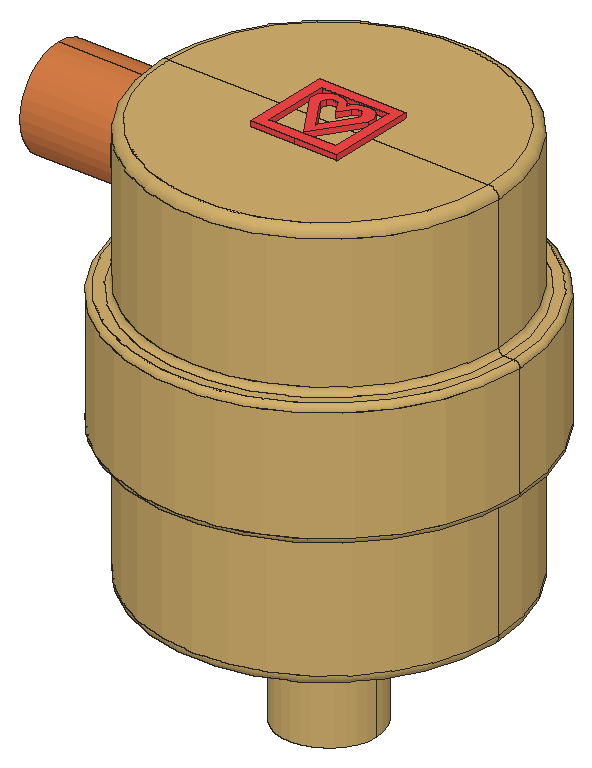
Revit family "Entlüfter 2630 10", category Rohrzubehör, Revit 2020
Family settings
  Bemaßung runder Anschluss = Durchmesser verwenden
  Teiletyp = Normal
  OmniClass-Nummer = 23.65.55.14
  OmniClass-Titel = Valves for Liquid Services
  Arbeitsebenenbasiert = Nein
  Immer vertikal = Ja
  Beim Laden mit Abzugskörper schneiden = Nein
  Gemeinsam genutzt = Nein
Parameters
  Vorgabe-Ansicht = 0.000 mm
  Schwimmer = "Polypropylen"  # constant formula
  SCRNSEQ = "AWI;AWI_TYP=\"1013\";1"
  SCRNCODE = "05;14;01"  # constant formula
  S03 = 24.500 mm  # constant formula
  S02 = 11.000 mm  # constant formula
  S01 = 56.000 mm  # constant formula
  Min.Betriebstemperatur = 0 °C  # constant formula
  Max.Sturkturdruck = 1000000.0 Pa  # constant formula
  Max.Betriebstemperatur = 110 °C  # constant formula
  URL = "www.herz-armaturen.at"
  R02 = 0.600 mm  # constant formula
  R01 = 1.000 mm  # constant formula
  Nennweite [instance] = 10.000 mm  # constant formula
  Medium = "Heizungswasser nach ÖNORM H5195 oder VDI- Richtlinie 2035. Die Verwendung von Ethylen- oder Propyleneglykol in einem Mischungsverhältnis von 25 - 50% ist zulässig. EPDM-Dichtungen können durch Mineralöle und Schmiermittel beeinflusst werden, was zum Versagen der EPDM-Dichtungen führen kann. Bitte beachten Sie die Dokumentation des Herstellers, wenn Ethylenglykol-Produkte für den Frost- und Korrosionsschutz verwendet werden."
  Max.Betriebsdruck = 1000000.0 Pa  # constant formula
  L04 = L02 - L03  # 18.800 mm
  L03 = 9.500 mm  # constant formula
  L02 = 28.300 mm  # constant formula
  L01 = 4.000 mm  # constant formula
  Hersteller = "Herz-Armaturen GmbH"  # constant formula
  H08 = H00 - 1.000 mm  # 55.000 mm
  H07 = H00 - 7.500 mm  # 48.500 mm
  H06 = 2.500 mm  # constant formula
  H05 = 9.000 mm  # constant formula
  H04 = 14.500 mm  # constant formula
  H03 = 15.500 mm  # constant formula
  H02 = 13.000 mm  # constant formula
  H01 = 9.500 mm  # constant formula
  H00 = 56.000 mm  # constant formula
  Gehäuse = "geschmiedetes Messing nach EN 12165, CW617N"  # constant formula
  G1 [instance] = Nennweite / 2  # 5.000 mm
  Dichtung = "EPDM"  # constant formula
  Deckel = "geschmiedetes Messing nach EN 12165, CW617N"  # constant formula
  D06 = 3.400 mm  # constant formula
  D05 = 5.100 mm  # constant formula
  D04 = 12.500 mm  # constant formula
  D03 = 11.000 mm  # constant formula
  D02 = 20.000 mm  # constant formula
  D01 = 17.800 mm  # constant formula
  Bestellnummer [instance] = if(Nennweite = 10.000 mm, 1263010, 0)  # 1263010
  Aussenanschlussgewinde = "nach ISO 228"  # constant formula
  Anwendungsgebiet = "Der automatische Schnellentlüfter wird in Heizungs- und Kühlungssysteme zur Entlüftung der Anlage verwendet. Das Ventil sollte in der Nähe des Boilers oder am höchsten Punkt der Anlage installiert werden, um eine garantierte Entlüftung der Anlage an die Umgebung zu gewährleisten."
  Abdeckkappe = "ABS Kunststoff, Rot"  # constant formula
Reference planes
  plane 1 "Mitte (Vorne/hinten)": y = 0
  plane 2: z = 0
  plane 3 "Mitte (Links/rechts)": x = 0
Forms (mm)
  Revolve 1, solid, material "Messing", detail levels fine
    sketch origin (0, 0, 0) x (1, 0, 0) y (0, 0, 1)
      loop
        line (0, 56) -> (-16.8, 56)
        arc (-16.8, 56) -> (-17.507, 55.707) -> (-17.8, 55) r 1
        line (-17.8, 55) -> (-17.8, 41.1)
        arc (-17.8, 41.1) -> (-17.976, 40.676) -> (-18.4, 40.5) r 0.6
        line (-18.4, 40.5) -> (-19.4, 40.5)
        arc (-19.4, 40.5) -> (-19.824, 40.324) -> (-20, 39.9) r 0.6
        line (-20, 39.9) -> (-20, 28.1)
        arc (-20, 28.1) -> (-19.824, 27.676) -> (-19.4, 27.5) r 0.6
        line (-19.4, 27.5) -> (-18.4, 27.5)
        arc (-18.4, 27.5) -> (-17.976, 27.324) -> (-17.8, 26.9) r 0.6
        line (-17.8, 26.9) -> (-17.8, 14)
        arc (-17.8, 14) -> (-17.507, 13.293) -> (-16.8, 13) r 1
        line (-16.8, 13) -> (-13.8, 13) -> (-9, 9.5) -> (-5, 9.5) -> (-5, 0) -> (0, 0) -> (0, 56)
      axis (0, 56) -> (0, 0)
    angle from 0 to 360
  Revolve 2, solid, material "Messing", detail levels fine
    sketch origin (0, 0, 0) x (1, 0, 0) y (0, 0, 1)
      loop
        line (0, 48.5) -> (0, 51.9) -> (-18.8, 51.9) -> (-18.8, 48.5) -> (0, 48.5)
      axis (-18.8, 48.5) -> (0, 48.5)
    angle from 0 to 360
  Revolve 3, solid, material "Kunststoff-Orange", detail levels fine
    sketch origin (0, 0, 0) x (1, 0, 0) y (0, 0, 1)
      loop
        line (-28.3, 48.5) -> (-18.8, 48.5) -> (-18.8, 53.6) -> (-28.3, 53.6) -> (-28.3, 48.5)
      axis (-28.3, 48.5) -> (-18.8, 48.5)
    angle from 0 to 360
Lines and regions (mm)
  model lines, detail levels coarse+medium
    curve 1: line (0, 0, 56) -> (-12.587, 0, 43.413)
    curve 2: line (0, 0, 56) -> (12.587, 0, 43.413)
    curve 3: circle (0, 0, 31.5) r 11 normal (0, -1, 0)
    curve 4: line (0, 0, 42.5) -> (0, 0, 56)
    curve 5: line (0, 0, 20.5) -> (0, 0, 0)
    curve 6: line (0, 0, 56) -> (0, -12.587, 43.413)
    curve 7: line (0, 0, 56) -> (0, 12.587, 43.413)
    curve 8: circle (0, 0, 31.5) r 11 normal (1, 0, 0)
    curve 9: line (0, 56, 0) -> (-12.587, 43.413, 0)
    curve 10: line (0, 56, 0) -> (12.587, 43.413, 0)
    curve 11: circle (0, 31.5, 0) r 11 normal (0, 0, 1)
    curve 12: line (0, 42.5, 0) -> (0, 56, 0)
    curve 13: line (0, 20.5, 0) -> (0, 0, 0)
Dimensions and locks
  "H02": Revolve 1 sketch curve to Revolve 1 sketch curve
  "H03": Revolve 1 sketch curve to Revolve 1 sketch curve
  "H04": Revolve 1 sketch curve to Revolve 1 sketch curve
  "L01": Revolve 1 sketch curve to Revolve 1 sketch curve  (x2)
  "D01": Revolve 1 sketch curve to Revolve 1 sketch curve  (x2)
  "D02": Revolve 1 sketch curve to Revolve 1 sketch curve
  "H07": Revolve 2 sketch curve to plane 2
  "D06": Revolve 2 sketch curve to Revolve 2 sketch curve
  "L02": plane 3 "Mitte (Links/rechts)" to Revolve 3 sketch curve
  "L03": Revolve 3 sketch curve to Revolve 3 sketch curve
  "D05": Revolve 3 sketch curve to Revolve 3 sketch curve
  "H07": Revolve 3 sketch curve to plane 2
  "L04": plane 3 "Mitte (Links/rechts)" to Revolve 2 sketch curve
  "H08": nested 1 to plane 2
  "G1": Revolve 1 sketch curve to Revolve 1 sketch curve
  "H00": Revolve 1 sketch curve to Revolve 1 sketch curve
  "H01": Revolve 1 sketch curve to Revolve 1 sketch curve
  "S01": curve 2 to plane 2
  "D01": curve 1 to curve 4
  "D01": curve 2 to curve 2
  "S03": curve 4 to curve 3
  "D01": curve 6 to curve 6
  "D01": curve 7 to curve 7
  "S03": curve 7 to curve 8
  "S01": curve 7 to plane 2
  "S01": plane 1 "Mitte (Vorne/hinten)" to curve 12
  "S03": curve 12 to curve 11
  "D01": curve 9 to curve 9
  "D01": curve 10 to curve 10
  "R01": radius of Revolve 1 sketch curve  (x2)
  "R02": radius of Revolve 1 sketch curve  (x4)
  "S02": radius of curve 3
  "S02": radius of curve 8
  "S02": radius of curve 11
  angle curve 1 to curve 4 = 45.00°
  angle curve 4 to curve 2 = 45.00°
  angle curve 6 to plane 1 "Mitte (Vorne/hinten)" = 45.00°
  angle plane 1 "Mitte (Vorne/hinten)" to curve 7 = 45.00°
  angle curve 9 to curve 12 = 45.00°
  angle curve 12 to curve 10 = 45.00°
  aligned and locked: level to plane 2
Automatic sketch dimensions
  curve 7 to plane 1 "Mitte (Vorne/hinten)" = 0.000 mm
  curve 8 to plane 1 "Mitte (Vorne/hinten)" = 0.000 mm
  curve 1 to plane 3 "Mitte (Links/rechts)" = 0.000 mm
  curve 5 to plane 3 "Mitte (Links/rechts)" = 0.000 mm
  curve 3 to plane 3 "Mitte (Links/rechts)" = 0.000 mm
  curve 5 to level = 0.000 mm
  curve 9 to plane 3 "Mitte (Links/rechts)" = 0.000 mm
  curve 13 to plane 3 "Mitte (Links/rechts)" = 0.000 mm
  curve 11 to plane 3 "Mitte (Links/rechts)" = 0.000 mm
  plane 1 "Mitte (Vorne/hinten)" to curve 13 = 0.000 mm
  Revolve 1 sketch curve to level = 0.000 mm
  Revolve 1 sketch curve to plane 3 "Mitte (Links/rechts)" = 0.000 mm
  plane 3 "Mitte (Links/rechts)" to Revolve 1 sketch curve = 0.000 mm
  Revolve 1 sketch curve to Revolve 1 sketch curve = 2000.000 mm
  Revolve 1 sketch curve to Revolve 1 sketch curve = 1932.500 mm
  Revolve 2 sketch curve to plane 3 "Mitte (Links/rechts)" = 0.000 mm  (x2)
  Revolve 2 sketch curve to Revolve 2 sketch curve = 0.000 mm  (x2)
  Revolve 3 sketch curve to Revolve 3 sketch curve = 0.000 mm  (x3)
Nested families
  nested 1: "Herz-Logo" at (0, 0, 55), type "Herz-Logo", detail levels fine
Connectors
  piping at (0, 0, 0), diameter 10, driven by "Nennweite"
    settings: on Revolve 1, index 1, connector inside diameter 609.6 mm, connector length 0.000 mm, flow factor 0, pipe flow 0.0 L/s, pressure drop 0.0 Pa, fitting loss kfactor 0, connector angle 0.00°, fixture units 0, engagement length 0.000 mm, angle of deflection 0.00°, flow configuration 0, flow direction 1, fitting loss method 0, system type 29, joint type 0, gender type 0, connector reference index -1, connector utility 0, adjustable connector no, is connector primary yes, connector description ""
Definition of nested family "Herz-Logo"
  Parameters (values of type "Herz-Logo")
    Default Elevation = 0.000 mm
  Reference planes
    plane 1 "Mitte (Vorne/hinten)": y = 0
    plane 2: z = 0
    plane 3 "Mitte (Links/rechts)": x = 0
  Forms (mm)
    Extrusion 1, solid
      sketch origin (0, 0, 0) x (1, 0, 0) y (0, 1, 0)
        loop
          line (-0.018, -4.517) -> (4.482, -4.517) -> (4.482, 4.483) -> (-4.518, 4.483) -> (-4.518, -4.517) -> (-0.018, -4.517)
        loop
          line (-0.05, -3.48) -> (3.482, -3.48) -> (3.482, 3.483) -> (-3.518, 3.483) -> (-3.518, -3.48) -> (-0.05, -3.48)
        loop
          arc (-0.018, 2.383) -> (-1.543, 3.287) -> (-3.067, 2.383) r 1.738
          arc (-3.067, 2.383) -> (-3.191, 1.899) -> (-3.067, 1.415) r 1.009
          line (-3.067, 1.415) -> (-0.018, -3.281) -> (3.032, 1.415)
          arc (3.032, 1.415) -> (3.156, 1.899) -> (3.032, 2.383) r 1.009
          arc (3.032, 2.383) -> (1.507, 3.287) -> (-0.018, 2.383) r 1.738
        loop
          arc (1.885, 1.272) -> (2.005, 1.675) -> (1.885, 2.079) r 0.74
          arc (1.885, 2.079) -> (1.265, 2.416) -> (0.644, 2.079) r 0.74
          line (0.644, 2.079) -> (-0.018, 0.97) -> (-0.679, 2.079)
          arc (-0.679, 2.079) -> (-1.3, 2.416) -> (-1.921, 2.079) r 0.74
          arc (-1.921, 2.079) -> (-2.04, 1.675) -> (-1.921, 1.272) r 0.74
          line (-1.921, 1.272) -> (-0.018, -1.658) -> (1.885, 1.272)
      from 0 to 1.5
  Dimensions and locks
    aligned and locked: level to plane 2
